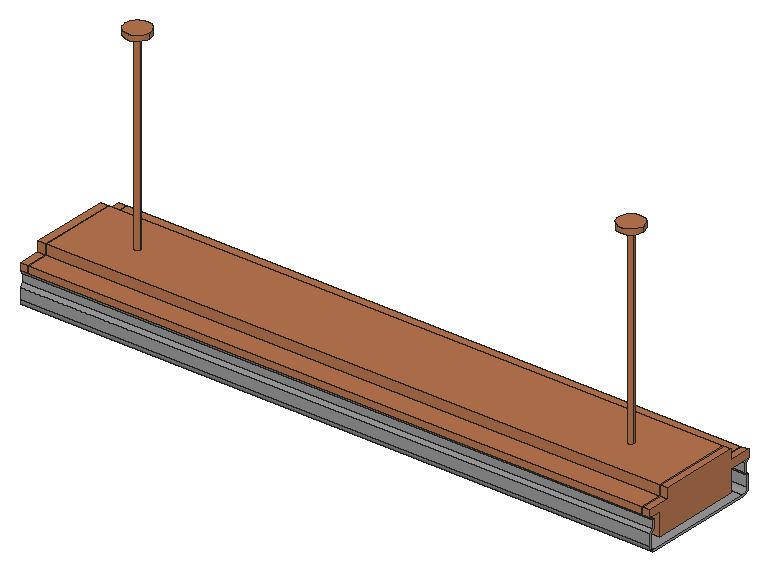
Revit family "F1_Whether proof suspended", category Lighting Fixtures, Revit 2013
Parameters (values of type "F1_Suspended w/p Luminaire")
  Wattage = 9.2903 W
  built-in parameter 1150110 = 1 (stored number, unit not read)
  built-in parameter 1114217 = 1 (stored number, unit not read)
  built-in parameter 1150109 = 1 (stored number, unit not read)
  built-in parameter 1150134 = 3
  built-in parameter 1150113 = 1 (stored number, unit not read)
  Soffit/Ceiling Level [instance] = 3000 mm
  built-in parameter 1150105 = 109.82 (stored number, unit not read)
  Lumens = 1380 lm
  built-in parameter 1150115 = 1 (stored number, unit not read)
  Lt = Bright
  Load Classification = Ltg
  Light Type [instance] = "F1"
  Light Source Symbol Size = 1200 mm
  built-in parameter 1150137 = (empty or 0)
  built-in parameter 1150139 = (empty or 0)
  built-in parameter 1150112 = 1 (stored number, unit not read)
  built-in parameter 1150114 = 1 (stored number, unit not read)
  Lamp = "2x35W"
  built-in parameter 1150132 = (empty or 0)
  built-in parameter 1150102 = (empty or 0)
  built-in parameter 1150107 = 3200 (stored number, unit not read)
  built-in parameter 1150138 = (empty or 0)
  built-in parameter 1150106 = 1.0982 (stored number, unit not read)
  Glass = Glass, Green
  Emit from Line Length = 1200 mm
  built-in parameter 1150104 = 13.8 (stored number, unit not read)
  Dimming Lamp Color Temperature Shift = <None>
  Color Filter = 16777215
  Bottom of Light [instance] = 2500 mm
  built-in parameter 1114218 = 1 (stored number, unit not read)
  built-in parameter 1150133 = 10 (stored number, unit not read)
  Apparent Load = 70 VA
Reference planes
  plane 1 "Light Source Axis (F/B)": y = 0
  plane 2: z = 0
  plane 3 "Light Source Axis (L/R)": x = 0
  plane 4 "Light Source Elevation": z = 2500
  plane 5 "Lf": x = -637.5
  plane 6 "Rt": x = 637.5
  plane 7 "Lf_ltg": x = -600
  plane 8 "Rt_ltg": x = 600
  plane 9: z = 3000
  plane 10: z = 2500
  plane 11: z = 2600
  plane 12: z = 2990
  plane 13: z = 2580
  plane 14: z = 2565
  plane 15: z = 2520
  plane 16: z = 2500
  plane 17: y = -80
  plane 18: y = -100
  plane 19: y = -12.5
  plane 20: y = 12.5
  plane 21: y = -125
  plane 22: y = 125
  plane 23: y = 80
  plane 24 "Left": x = -637.5
  plane 25 "Right": x = 637.5
  plane 26: x = -622.5
  plane 27: x = 622.5
  plane 28: y = -50
  plane 29: y = 50
  plane 30: z = 2530
  plane 31: x = -600
  plane 32 "Ltg_rt": x = 600
Forms (mm)
  Extrusion 1, solid, material "Light Body"
    sketch origin (0, 0, 0) x (1, 0, 0) y (0, 1, 0)
      loop
        circle (-500, 0) r 6
    from 2600 to 2990
  Extrusion 2, solid, material "Light Body"
    sketch origin (0, 0, 2990) x (1, 0, 0) y (0, 1, 0)
      loop
        circle (500, 0) r 25
    from 0 to 10
  Extrusion 3, solid, material "Light Body"
    sketch origin (-1000, 0, 2990) x (1, 0, 0) y (0, 1, 0)
      loop
        circle (500, 0) r 25
    from 0 to 10
  Extrusion 4, solid, material "Light Body"
    sketch origin (1000, 0, 0) x (1, 0, 0) y (0, 1, 0)
      loop
        circle (-500, 0) r 6
    from 2600 to 2990
  Extrusion 5, solid, material "Light Body"
    sketch origin (637.5, 0, 0) x (0, 0, -1) y (0, -1, 0)
      loop
        line (-2565, 125) -> (-2580, 125) -> (-2580, 80) -> (-2600, 80) -> (-2600, -80) -> (-2580, -80) -> (-2580, -125) -> (-2565, -125) -> (-2565, -12.5) -> (-2520, -12.5) -> (-2520, 12.5) -> (-2565, 12.5) -> (-2565, 125)
    from 15 to 1260
  Extrusion 6, solid, material "Light Body"
    sketch origin (637.5, 0, 0) x (0, 0, -1) y (0, -1, 0)
      loop
        line (-2565, 125) -> (-2580, 125) -> (-2580, 80) -> (-2600, 80) -> (-2600, -80) -> (-2580, -80) -> (-2580, -125) -> (-2565, -125) -> (-2565, -80) -> (-2520, -80) -> (-2520, 100) -> (-2565, 100) -> (-2565, 125)
    from 0 to 15
  Extrusion 7, solid, material "Light Body"
    sketch origin (0, 0, 0) x (0, 1, 0) y (0, 0, 1)
      loop
        line (80, 2520) -> (80, 2565) -> (125, 2565) -> (125, 2580) -> (80, 2580) -> (80, 2600) -> (-80, 2600) -> (-80, 2580) -> (-125, 2580) -> (-125, 2565) -> (-100, 2565) -> (-100, 2520) -> (80, 2520)
    from -622.5 to -637.5
  Extrusion 8, solid, material "Bright" <- "Lt"
    sketch origin (600, 0, 0) x (0, 0, 1) y (0, -1, 0)
      loop
        circle (2530, 50) r 25
    from 0 to -1200
  Extrusion 9, solid, material "Bright" <- "Lt"
    sketch origin (600, 0, 0) x (0, 0, 1) y (0, -1, 0)
      loop
        circle (2530, -50) r 25
    from 0 to -1200
  Extrusion 10, solid, material "Glass, Green" <- "Glass"
    sketch origin (637.5, 0, 0) x (0, 0, -1) y (0, -1, 0)
      loop
        line (-2565, 125) -> (-2565, 120.757) -> (-2559.172, 114.929) -> (-2541.686, 114.929) -> (-2534.615, 122) -> (-2513, 122)
        arc (-2513, 122) -> (-2505.929, 119.071) -> (-2503, 112) r 10
        line (-2503, 112) -> (-2503, -112)
        arc (-2503, -112) -> (-2505.929, -119.071) -> (-2513, -122) r 10
        line (-2513, -122) -> (-2534.615, -122) -> (-2541.686, -114.929) -> (-2559.172, -114.929) -> (-2565, -120.757) -> (-2565, -125) -> (-2557.929, -117.929) -> (-2542.929, -117.929) -> (-2535.858, -125) -> (-2513, -125)
        arc (-2513, -125) -> (-2503.808, -121.192) -> (-2500, -112) r 13
        line (-2500, -112) -> (-2500, 112)
        arc (-2500, 112) -> (-2503.808, 121.192) -> (-2513, 125) r 13
        line (-2513, 125) -> (-2535.858, 125) -> (-2542.929, 117.929) -> (-2557.929, 117.929) -> (-2565, 125)
    from 0 to 1275
Lines and regions (mm)
  symbolic lines, style "Lighting Symbols"
    curve 1: line (-637.5, 85, 0) -> (-637.5, -85, 0)
    curve 2: line (637.5, 85, 0) -> (637.5, -85, 0)
    curve 3: line (-637.5, 20, 0) -> (-56.569, 20, 0)
    curve 4: line (-637.5, -20, 0) -> (-56.569, -20, 0)
    curve 5: line (56.569, -20, 0) -> (637.5, -20, 0)
    curve 6: line (56.569, 20, 0) -> (637.5, 20, 0)
    curve 7: circle (0, 0, 0) r 60 normal (0, 0, 1)
Dimensions and locks
  "Soffit/Ceiling Level": plane 9 to level
  "Bottom of Light": plane 10 to level
  plane 11 to plane 10 = 100 mm
  plane 9 to plane 12 = 10 mm
  locked: plane 15 to plane 10 at 20
  locked: plane 14 to plane 15 at 45
  locked: plane 13 to plane 14 at 15
  plane 11 to plane 13 = 20 mm
  locked: plane 24 "Left" to plane 26 at 15
  locked: plane 25 "Right" to plane 27 at 15
  plane 28 to plane 1 "Light Source Axis (F/B)" = 50 mm
  plane 1 "Light Source Axis (F/B)" to plane 29 = 50 mm
  plane 14 to plane 30 = 35 mm
  aligned and locked: plane 3 "Light Source Axis (L/R)" to imposter light
  aligned and locked: imposter light to plane 1 "Light Source Axis (F/B)"
  aligned and locked: plane 4 "Light Source Elevation" to imposter light
  aligned and locked: plane 2 to level
  aligned and locked: plane 9 to Extrusion 2
  aligned and locked: Extrusion 2 to plane 12
  aligned and locked: Extrusion 1 to Extrusion 2
  aligned and locked: Extrusion 3 to Extrusion 1
  aligned and locked: plane 9 to Extrusion 3
  aligned and locked: Extrusion 4 to Extrusion 2
  aligned and locked: Extrusion 1 to plane 11
  aligned and locked: Extrusion 4 to plane 11
  aligned and locked: plane 4 "Light Source Elevation" to plane 10
Automatic sketch dimensions
  plane 1 "Light Source Axis (F/B)" to Extrusion 1 sketch curve = 0 mm
  plane 7 "Lf_ltg" to Extrusion 1 sketch curve = 100 mm
  plane 1 "Light Source Axis (F/B)" to Extrusion 2 sketch curve = 0 mm
  Extrusion 2 sketch curve to plane 8 "Rt_ltg" = 100 mm
  curve 1 to plane 5 "Lf" = 0 mm
  plane 1 "Light Source Axis (F/B)" to curve 7 = 0 mm
  curve 7 to plane 3 "Light Source Axis (L/R)" = 0 mm
  curve 2 to plane 6 "Rt" = 0 mm
  curve 3 to plane 20 = 7.5 mm
  curve 3 to plane 3 "Light Source Axis (L/R)" = 56.569 mm
  plane 19 to curve 4 = 7.5 mm
  curve 6 to plane 20 = 7.5 mm
  plane 19 to curve 5 = 7.5 mm
  plane 17 to curve 2 = 5 mm
  plane 17 to curve 1 = 5 mm
  curve 1 to plane 23 = 5 mm
  curve 2 to plane 23 = 5 mm
  plane 1 "Light Source Axis (F/B)" to Extrusion 3 sketch curve = 0 mm
  plane 7 "Lf_ltg" to Extrusion 3 sketch curve = 100 mm
  plane 1 "Light Source Axis (F/B)" to Extrusion 4 sketch curve = 0 mm
  Extrusion 4 sketch curve to plane 8 "Rt_ltg" = 100 mm
  Extrusion 5 sketch curve to plane 11 = 0 mm
  Extrusion 5 sketch curve to plane 13 = 0 mm  (x2)
  Extrusion 5 sketch curve to plane 14 = 0 mm  (x2)
  Extrusion 5 sketch curve to plane 15 = 0 mm
  Extrusion 5 sketch curve to plane 22 = 0 mm
  Extrusion 5 sketch curve to plane 23 = 0 mm
  Extrusion 5 sketch curve to plane 20 = 0 mm
  Extrusion 5 sketch curve to plane 19 = 0 mm
  Extrusion 5 sketch curve to plane 17 = 0 mm
  Extrusion 5 sketch curve to plane 21 = 0 mm
  Extrusion 6 sketch curve to plane 11 = 0 mm
  Extrusion 6 sketch curve to plane 13 = 0 mm  (x2)
  Extrusion 6 sketch curve to plane 14 = 0 mm  (x2)
  Extrusion 6 sketch curve to plane 15 = 0 mm
  Extrusion 6 sketch curve to plane 22 = 0 mm
  Extrusion 6 sketch curve to plane 23 = 0 mm  (x2)
  Extrusion 6 sketch curve to plane 17 = 0 mm
  Extrusion 6 sketch curve to plane 18 = 0 mm
  Extrusion 6 sketch curve to plane 21 = 0 mm
  Extrusion 7 sketch curve to plane 13 = 0 mm  (x2)
  Extrusion 7 sketch curve to plane 21 = 0 mm
  Extrusion 7 sketch curve to plane 14 = 0 mm  (x2)
  Extrusion 7 sketch curve to plane 11 = 0 mm
  Extrusion 7 sketch curve to plane 17 = 0 mm
  Extrusion 7 sketch curve to plane 23 = 0 mm  (x2)
  Extrusion 7 sketch curve to plane 22 = 0 mm
  Extrusion 7 sketch curve to plane 18 = 0 mm
  Extrusion 7 sketch curve to plane 15 = 0 mm
  Extrusion 8 sketch curve to plane 28 = 0 mm
  Extrusion 8 sketch curve to plane 30 = 0 mm
  Extrusion 9 sketch curve to plane 29 = 0 mm
  Extrusion 9 sketch curve to plane 30 = 0 mm
  Extrusion 10 sketch curve to Extrusion 10 sketch curve = 0 mm  (x4)
  Extrusion 10 sketch curve to plane 14 = 0 mm  (x2)
  Extrusion 10 sketch curve to plane 22 = 0 mm  (x2)
  Extrusion 10 sketch curve to plane 21 = 0 mm  (x2)
  Extrusion 10 sketch curve to plane 10 = 0 mm
  Extrusion 10 sketch curve to plane 14 = 5.828 mm  (x2)
  Extrusion 10 sketch curve to Extrusion 10 sketch curve = 1.243 mm  (x6)
  plane 30 to Extrusion 10 sketch curve = 12.929 mm  (x2)
  plane 30 to Extrusion 10 sketch curve = 5.858 mm  (x2)
  plane 22 to Extrusion 10 sketch curve = 3 mm
  Extrusion 10 sketch curve to plane 15 = 7 mm  (x2)
  Extrusion 10 sketch curve to Extrusion 10 sketch curve = 3 mm  (x2)
  Extrusion 10 sketch curve to Extrusion 10 sketch curve = 7.071 mm
  Extrusion 10 sketch curve to Extrusion 10 sketch curve = 4.243 mm
  plane 22 to Extrusion 10 sketch curve = 4.243 mm
  plane 22 to Extrusion 10 sketch curve = 7.071 mm
  radius of Extrusion 1 sketch curve = 6 mm
  radius of Extrusion 2 sketch curve = 25 mm
  radius of Extrusion 3 sketch curve = 25 mm
  radius of Extrusion 4 sketch curve = 6 mm
  radius of Extrusion 8 sketch curve = 25 mm
  radius of Extrusion 9 sketch curve = 25 mm
Connectors
  electrical at (-500, 0, 3000), driven by "Load Classification"
    settings: on Extrusion 3, index 1, voltage 230 V, apparent load 0 VA, apparent load phase1 70 VA, apparent load phase2 0 VA, apparent load phase3 0 VA, power factor 0.9, load classification "Ltg", number of poles 1, system type 31, power factor state 1, is connector primary yes, connector utility no, sub classification motor no, connector description ""
